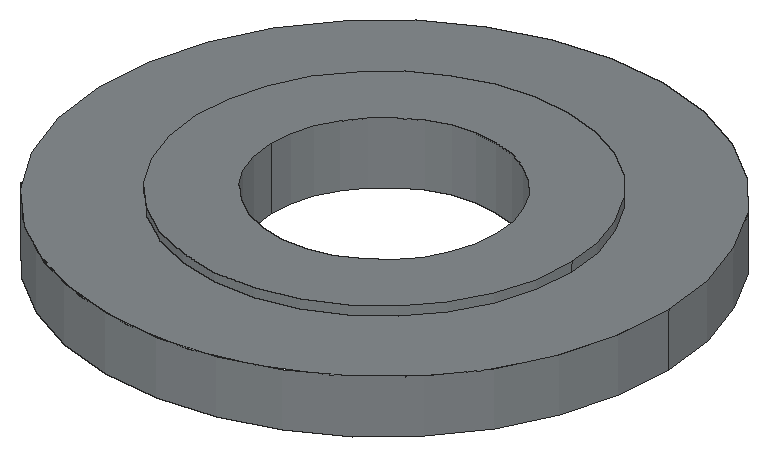
Revit family "FOFO_Junta_Flange2", category Pipe Accessories, Revit 2025
Family settings
  Round Connector Dimension = Use Diameter
  Part Type = Normal
  Work Plane-Based = Yes
  Always vertical = No
  Cut with Voids When Loaded = Yes
  Shared = No
Parameters (values of type "FLA_10_0080")
  PN = "10"
  Furo_V = Flange_RF * cos(Flange_MA)  # 73.91 mm
  Flange_RT = 0.5 * Flange_Diâmetro_Tubo  # 49.0 mm
  Flange_RL = 0.5 * Flange_Diâmetro_Livre  # 40.0 mm
  Flange_RG = 0.5 * Flange_Diâmetro_Resalto  # 66.0 mm
  Flange_RF = 0.5 * Flange_Diâmetro_Furação  # 80.0 mm
  Flange_RD = 0.5 * Flange_Diâmetro_Externo  # 100.0 mm
  Furo_Quant = 8
  Flange_MA = 0.5 * (360.00° / Furo_Quant)  # 22.50°
  Furo_H = Flange_RF * sin(Flange_MA)  # 30.615 mm
  Flange_Diâmetro_Resalto = 132.0 mm
  Furo_Raio = 0.5 * Furo_Diâmetro  # 8.0 mm
  Furo_Diâmetro = 16.0 mm
  Flange_Diâmetro_Livre = 80.0 mm
  Flange_Diâmetro_Furação = 160.0 mm
  Flange_Diâmetro_Tubo = 98.0 mm
  Flange_Diâmetro_Externo = 200.0 mm
  Flange_Resalto = 3.0 mm
  Flange_Altura = 19.0 mm
  Default Elevation = 0.0 mm
  DN = "80"
Reference planes
  plane 1 "Centro (Frente/Trás)": y = 0
  plane 2: z = 0
  plane 3 "Centro (Esquerda/Direita)": x = 0
  plane 4: z = -3
  plane 5: z = -22
Forms (mm)
  Extrusion 1, solid, material "FoFo"
    sketch origin (0, 0, 0) x (1, 0, 0) y (0, 1, 0)
      loop
        circle (0, 0) r 100
    from -22 to -3
  Extrusion 2, solid, material "FoFo"
    sketch origin (0, 0, 0) x (1, 0, 0) y (0, 1, 0)
      loop
        circle (0, 0) r 66
    from 0 to -3
  Extrusion 3, void
    sketch origin (0, 0, 0) x (1, 0, 0) y (0, 1, 0)
      loop
        circle (0, 0) r 40
    from 0 to -22
Cuts and joins
  Extrusion 3 cuts Extrusion 1
  Extrusion 3 cuts Extrusion 2
  joined: Extrusion 1, Extrusion 2
Lines and regions (mm)
  model lines
    curve 1: line (-40, 0, 0) -> (40, 0, 0)
    curve 2: line (0, 40, 0) -> (0, -40, 0)
Dimensions and locks
  "Flange_Resalto": plane 2 to plane 4
  "Flange_Altura": plane 4 to plane 5
  "Flange_RD": radius of Extrusion 1 sketch curve
  "Flange_RG": radius of Extrusion 2 sketch curve
  "Flange_RL": radius of Extrusion 3 sketch curve
  aligned and locked: plane 2 to level
  aligned and locked: Extrusion 1 to plane 5
  aligned and locked: Extrusion 1 to Extrusion 3
  aligned and locked: cut or joined group of Extrusion 1, Extrusion 2, Extrusion 3 to plane 4
  aligned and locked: plane 4 to cut or joined group of Extrusion 1, Extrusion 2, Extrusion 3
Automatic sketch dimensions
  plane 1 "Centro (Frente/Trás)" to curve 1 = 0.0 mm
  curve 1 to plane 3 "Centro (Esquerda/Direita)" = 40.0 mm
  plane 3 "Centro (Esquerda/Direita)" to curve 1 = 40.0 mm
  plane 1 "Centro (Frente/Trás)" to curve 2 = 40.0 mm
  curve 2 to plane 1 "Centro (Frente/Trás)" = 40.0 mm
  curve 2 to plane 3 "Centro (Esquerda/Direita)" = 0.0 mm
  plane 1 "Centro (Frente/Trás)" to Extrusion 1 sketch curve = 0.0 mm
  Extrusion 1 sketch curve to plane 3 "Centro (Esquerda/Direita)" = 0.0 mm
  plane 1 "Centro (Frente/Trás)" to Extrusion 2 sketch curve = 0.0 mm
  Extrusion 2 sketch curve to plane 3 "Centro (Esquerda/Direita)" = 0.0 mm
  plane 1 "Centro (Frente/Trás)" to Extrusion 3 sketch curve = 0.0 mm
  Extrusion 3 sketch curve to plane 3 "Centro (Esquerda/Direita)" = 0.0 mm
